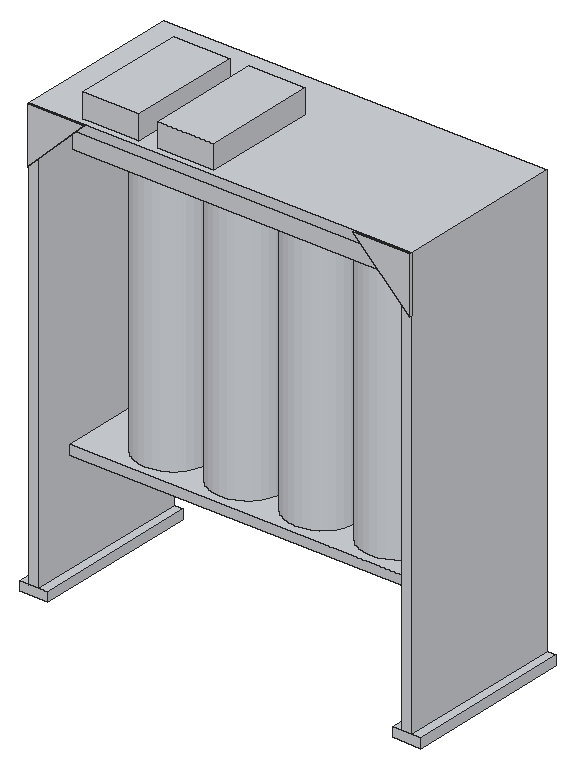
Revit family "536e31e371954fe0be02cb120633ad21", category Mechanical Equipment, Revit 2021
Family settings
  Round Connector Dimension = Use Radius
  Part Type = Normal
  OmniClass Number = 23.65.50.11.11.11
  OmniClass Title = Water Filters
  Seek Item ID = Water Filter - Rack Mounted-0000-USA-ENU
  Work Plane-Based = No
  Always vertical = Yes
  Cut with Voids When Loaded = No
  Shared = No
  Room Calculation Point = No
Parameters (values of type "Standard")
  Water Filter Width = 1' - 6"
  Water Filter Length = 3' - 4 3/4"
  Water Filter Height = 3' - 11"
  Voltage = 120 V
  Rack Material = none
  Pressure Drop [instance] = 3.00 psi
  Outlet Radius = 3/4"
  Outlet Diameter = 2 * Outlet Radius  # 1 1/2"
  Number of Poles = 1
  Inlet Radius = 3/4"
  Inlet Diameter = 2 * Inlet Radius  # 1 1/2"
  Flow [instance] = 60 GPM
  Filter Material = none
  Default Elevation = 0' - 0"
  Apparent Load = 27.5 VA
Reference planes (in)
  plane 1 "Center (Front/Back)": y = 0
  plane 2: z = 0
  plane 3 "Center (Left/Right)": x = 0
  plane 4: x = -20.375
  plane 5: x = 20.375
  plane 6: z = 47
  plane 7: x = -19.375
  plane 8: x = 19.375
  plane 9: z = 46
  plane 10: y = -18
  plane 11: z = 41
  plane 12: x = -14.375
  plane 13: x = 14.375
  plane 14: y = -18.25
  plane 15: z = 43
  plane 16: y = -5
  plane 17: y = -13.5625
  plane 18: z = 12
  plane 19: y = -14
  plane 20: z = 13
  plane 21: y = -9.28125
  plane 22: x = -4
  plane 23: x = 4
  plane 24: x = -12
  plane 25: x = 12
  plane 26: x = -15.25
  plane 27: x = -9.25
  plane 28: x = -7.25
  plane 29: x = -1.25
  plane 30: y = -5.1875
  plane 31: y = -17.25
  plane 32: z = 49.5
  plane 33: z = 1
  plane 34: x = -21.375
  plane 35: x = -18.375
  plane 36: x = 18.375
  plane 37: x = 21.375
  plane 38: x = -11.3125
  plane 39: x = -2.25
  plane 40: x = 6.8125
  plane 41: z = 43.5
Forms (in)
  Extrusion 1, solid, material <- "Rack Material", detail levels medium+fine
    sketch origin (0, 0, 0) x (1, 0, 0) y (0, 0, 1)
      loop
        line (-20.375, 47) -> (-20.375, 1) -> (-19.375, 1) -> (-19.375, 46) -> (19.375, 46) -> (19.375, 1) -> (20.375, 1) -> (20.375, 47) -> (-20.375, 47)
    from 0 to 18
  Extrusion 2, solid, material <- "Rack Material", detail levels medium+fine
    sketch origin (0, 0, 0) x (1, 0, 0) y (0, 0, 1)
      loop
        line (-14.375, 47) -> (-20.375, 47) -> (-20.375, 41) -> (-14.375, 47)
      loop
        line (14.375, 47) -> (20.375, 41) -> (20.375, 47) -> (14.375, 47)
    from 18 to 18.25
  Extrusion 3, solid, material <- "Filter Material", detail levels medium+fine
    sketch origin (0, 0, 0) x (1, 0, 0) y (0, 1, 0)
      loop
        line (-19.375, -5) -> (-19.375, -13.5625) -> (19.375, -13.5625) -> (19.375, -5) -> (-19.375, -5)
    from 41 to 46
  Extrusion 4, solid, material <- "Rack Material", detail levels medium+fine
    sketch origin (0, 0, 0) x (1, 0, 0) y (0, 1, 0)
      loop
        line (-19.375, 0) -> (-19.375, -14) -> (19.375, -14) -> (19.375, 0) -> (-19.375, 0)
    from 12 to 13
  Extrusion 5, solid, material <- "Filter Material", detail levels medium+fine
    sketch origin (0, 0, 0) x (1, 0, 0) y (0, 1, 0)
      loop
        circle (-12, -9.28125) r 3.75
      loop
        circle (-4, -9.28125) r 3.75
      loop
        circle (4, -9.28125) r 3.75
      loop
        circle (12, -9.28125) r 3.75
    from 13 to 41
  Extrusion 6, solid, material <- "Rack Material"
    sketch origin (0, 0, 0) x (1, 0, 0) y (0, 1, 0)
      loop
        line (-15.25, -5.1875) -> (-15.25, -17.25) -> (-9.25, -17.25) -> (-9.25, -5.1875) -> (-15.25, -5.1875)
      loop
        line (-7.25, -5.1875) -> (-7.25, -17.25) -> (-1.25, -17.25) -> (-1.25, -5.1875) -> (-7.25, -5.1875)
    from 47 to 49.5
  Extrusion 7, solid, material <- "Rack Material", detail levels medium+fine
    sketch origin (0, 0, 0) x (1, 0, 0) y (0, 0, 1)
      loop
        line (-21.375, 1) -> (-21.375, 0) -> (-18.375, 0) -> (-18.375, 1) -> (-21.375, 1)
      loop
        line (18.375, 1) -> (18.375, 0) -> (21.375, 0) -> (21.375, 1) -> (18.375, 1)
    from 0 to 18
  Extrusion 8, solid, material <- "Filter Material", detail levels medium+fine
    sketch origin (0, 0, 0) x (1, 0, 0) y (0, 0, 1)
      loop
        circle (6.8125, 43.5) r 1
      loop
        circle (-2.25, 43.5) r 1
      loop
        circle (-11.3125, 43.5) r 1
    from 5 to 5.1875
  Extrusion 9, solid, material <- "Rack Material", detail levels medium+fine
    sketch origin (0, 0, 0) x (0, 1, 0) y (0, 0, 1)
      loop
        circle (-9.28125, 43.5) r 0.70711
    from 19.375 to 20.375
  Extrusion 10, solid, material <- "Rack Material", detail levels medium+fine
    sketch origin (0, 0, 0) x (0, 1, 0) y (0, 0, 1)
      loop
        circle (-9.28125, 43.5) r 0.70711
    from -20.375 to -19.375
  Extrusion 11, solid, material <- "Rack Material", detail levels coarse
    sketch origin (0, 0, 0) x (1, 0, 0) y (0, 1, 0)
      loop
        line (-20.375, 0) -> (-20.375, -18) -> (20.375, -18) -> (20.375, 0) -> (-20.375, 0)
    from 0 to 47
Cuts and joins
  joined: Extrusion 1, Extrusion 9, Extrusion 10
  joined: Extrusion 3, Extrusion 8
Dimensions and locks (in)
  equal spacing: plane 5, plane 3 "Center (Left/Right)", plane 4
  "Water Filter Length": plane 5 to plane 4
  "Water Filter Height": plane 6 to plane 2
  locked: plane 5 to plane 8 at 1
  locked: plane 7 to plane 4 at 1
  locked: plane 6 to plane 9 at 1
  "Water Filter Width": plane 10 to plane 1 "Center (Front/Back)"
  locked: plane 6 to plane 11 at 6
  locked: plane 12 to plane 4 at 6
  locked: plane 5 to plane 13 at 6
  locked: plane 10 to plane 14 at 0.25
  locked: plane 15 to plane 9 at 3
  locked: plane 1 "Center (Front/Back)" to plane 16 at 5
  locked: plane 16 to plane 17 at 8.5625
  locked: plane 2 to plane 18 at 12
  locked: plane 1 "Center (Front/Back)" to plane 19 at 14
  locked: plane 18 to plane 20 at 1
  equal spacing: plane 17, plane 21, plane 16
  locked: plane 24 to plane 22 at 8
  plane 22 to plane 3 "Center (Left/Right)" to plane 23 to plane 25 = 0' - 4" locked, 0' - 4", 0' - 8" locked
  locked: plane 7 to plane 26 at 4.125
  locked: plane 26 to plane 27 at 6
  locked: plane 27 to plane 28 at 2
  locked: plane 28 to plane 29 at 6
  locked: plane 30 to plane 1 "Center (Front/Back)" at 5.1875
  locked: plane 31 to plane 30 at 12.0625
  locked: plane 32 to plane 6 at 2.5
  locked: plane 4 to plane 34 at 1
  locked: plane 35 to plane 7 at 1
  locked: plane 8 to plane 36 at 1
  locked: plane 37 to plane 5 at 1
  locked: plane 4 to plane 38 at 9.0625
  locked: plane 38 to plane 39 at 9.0625
  locked: plane 39 to plane 40 at 9.0625
  equal spacing: plane 11, plane 41, plane 9
  radius of Extrusion 5 sketch curve = 0' - 3 3/4"  (x4)
  radius of Extrusion 8 sketch curve = 0' - 1"
  radius of Extrusion 9 sketch curve = 0' - 0.70711"
  radius of Extrusion 10 sketch curve = 0' - 0.70711"
  aligned and locked: plane 4 to Extrusion 1 sketch curve
  aligned and locked: Extrusion 1 sketch curve to plane 6
  aligned and locked: Extrusion 1 sketch curve to plane 5
  aligned and locked: Extrusion 1 sketch curve to plane 9
  aligned and locked: plane 7 to Extrusion 1 sketch curve
  aligned and locked: Extrusion 1 sketch curve to plane 8
  aligned and locked: Extrusion 1 to plane 1 "Center (Front/Back)"
  aligned and locked: Extrusion 1 to plane 10
  aligned and locked: plane 12 to Extrusion 2 sketch curve
  aligned and locked: plane 6 to Extrusion 2 sketch curve
  aligned and locked: plane 11 to Extrusion 2 sketch curve  (x2)
  aligned and locked: Extrusion 2 sketch curve to plane 5
  aligned and locked: plane 13 to Extrusion 2 sketch curve
  aligned and locked: Extrusion 2 sketch curve to plane 6
  aligned and locked: Extrusion 2 to plane 14
  aligned and locked: plane 10 to Extrusion 2
  aligned and locked: plane 7 to Extrusion 3 sketch curve
  aligned and locked: plane 16 to Extrusion 3 sketch curve
  aligned and locked: plane 17 to Extrusion 3 sketch curve
  aligned and locked: Extrusion 3 sketch curve to plane 8
  aligned and locked: plane 9 to Extrusion 3
  aligned and locked: Extrusion 3 to plane 11
  aligned and locked: Extrusion 1 to Extrusion 4 sketch curve
  aligned and locked: plane 1 "Center (Front/Back)" to Extrusion 4 sketch curve
  aligned and locked: plane 19 to Extrusion 4 sketch curve
  aligned and locked: Extrusion 4 sketch curve to plane 8
  aligned and locked: Extrusion 4 to plane 20
  aligned and locked: plane 18 to Extrusion 4
  aligned and locked: plane 21 to Extrusion 5 sketch curve  (x4)
  aligned and locked: plane 24 to Extrusion 5 sketch curve
  aligned and locked: plane 22 to Extrusion 5 sketch curve
  aligned and locked: plane 23 to Extrusion 5 sketch curve
  aligned and locked: plane 25 to Extrusion 5 sketch curve
  aligned and locked: plane 11 to Extrusion 5
  aligned and locked: plane 20 to Extrusion 5
  aligned and locked: plane 26 to Extrusion 6 sketch curve
  aligned and locked: plane 30 to Extrusion 6 sketch curve  (x2)
  aligned and locked: plane 31 to Extrusion 6 sketch curve  (x2)
  aligned and locked: Extrusion 6 sketch curve to plane 27
  aligned and locked: plane 28 to Extrusion 6 sketch curve
  aligned and locked: Extrusion 6 sketch curve to plane 29
  aligned and locked: plane 32 to Extrusion 6
  aligned and locked: Extrusion 6 to plane 6
  aligned and locked: plane 34 to Extrusion 7 sketch curve
  aligned and locked: Extrusion 7 sketch curve to plane 33  (x2)
  aligned and locked: plane 2 to Extrusion 7 sketch curve  (x2)
  aligned and locked: Extrusion 7 sketch curve to plane 35
  aligned and locked: plane 36 to Extrusion 7 sketch curve
  aligned and locked: Extrusion 7 sketch curve to plane 37
  aligned and locked: Extrusion 7 to plane 1 "Center (Front/Back)"
  aligned and locked: Extrusion 7 to plane 10
  aligned and locked: plane 33 to Extrusion 1 sketch curve  (x2)
  aligned and locked: plane 41 to Extrusion 8 sketch curve  (x3)
  aligned and locked: plane 40 to Extrusion 8 sketch curve
  aligned and locked: plane 39 to Extrusion 8 sketch curve
  aligned and locked: plane 38 to Extrusion 8 sketch curve
  aligned and locked: Extrusion 8 to plane 16
  aligned and locked: plane 30 to Extrusion 8
  aligned and locked: plane 41 to Extrusion 9 sketch curve
  aligned and locked: plane 21 to Extrusion 9 sketch curve
  aligned and locked: Extrusion 1 to Extrusion 9
  aligned and locked: Extrusion 9 to plane 8
  aligned and locked: plane 41 to Extrusion 10 sketch curve
  aligned and locked: plane 21 to Extrusion 10 sketch curve
  aligned and locked: Extrusion 10 to plane 4
  aligned and locked: plane 7 to Extrusion 10
  aligned and locked: Extrusion 11 sketch curve to cut or joined group of Extrusion 1, Extrusion 9, Extrusion 10  (x3)
  aligned and locked: Extrusion 11 sketch curve to Extrusion 2
  aligned and locked: plane 6 to Extrusion 11
  aligned and locked: Extrusion 11 to plane 2
Automatic sketch dimensions
  Extrusion 2 sketch curve to plane 4 = 0' - 0"
  radius of Extrusion 8 sketch curve = 0' - 1"  (x2)
Connectors (in)
  piping at (-20.375, -9.28125, 43.5), diameter 1.5, driven by "Inlet Radius", driven by "Flow"
    settings: on Extrusion 10, index 1, connector inside diameter 1 1/2", connector length 0' - 0", flow factor 0, pipe flow 60 GPM, pressure drop 0.00 psi, fitting loss kfactor 0, connector angle 0.00°, fixture units 0, engagement length 0' - 0", angle of deflection 0.00°, flow configuration 1, flow direction 1, fitting loss method 0, system type 20, joint type 0, gender type 0, connector reference index -1, connector utility 0, adjustable connector no, is connector primary yes, connector description "In"
  piping at (20.375, -9.28125, 43.5), diameter 1.5, driven by "Pressure Drop", driven by "Flow", driven by "Outlet Radius"
    settings: on Extrusion 9, index 2, connector inside diameter 1 1/2", connector length 0' - 0", flow factor 0, pipe flow 60 GPM, pressure drop 3.00 psi, fitting loss kfactor 0, connector angle 0.00°, fixture units 0, engagement length 0' - 0", angle of deflection 0.00°, flow configuration 0, flow direction 2, fitting loss method 4, system type 20, joint type 0, gender type 0, connector reference index -1, connector utility 0, adjustable connector no, is connector primary no, connector description "Out"
  piping at (-11.3125, -5, 43.5), diameter 1.5, driven by "Outlet Radius", driven by "Flow", driven by "Pressure Drop"
    settings: on Extrusion 8, index 3, connector inside diameter 1 1/2", connector length 0' - 0", flow factor 0, pipe flow 60 GPM, pressure drop 3.00 psi, fitting loss kfactor 0, connector angle 0.00°, fixture units 0, engagement length 0' - 0", angle of deflection 0.00°, flow configuration 0, flow direction 2, fitting loss method 4, system type 20, joint type 0, gender type 0, connector reference index -1, connector utility 0, adjustable connector no, is connector primary no, connector description "Out"
  piping at (-2.25, -5, 43.5), diameter 1.5, driven by "Pressure Drop", driven by "Flow", driven by "Outlet Radius"
    settings: on Extrusion 8, index 4, connector inside diameter 1 1/2", connector length 0' - 0", flow factor 0, pipe flow 60 GPM, pressure drop 3.00 psi, fitting loss kfactor 0, connector angle 0.00°, fixture units 0, engagement length 0' - 0", angle of deflection 0.00°, flow configuration 0, flow direction 2, fitting loss method 4, system type 20, joint type 0, gender type 0, connector reference index -1, connector utility 0, adjustable connector no, is connector primary no, connector description "Out"
  piping at (6.8125, -5, 43.5), diameter 1.5, driven by "Flow", driven by "Pressure Drop", driven by "Outlet Radius"
    settings: on Extrusion 8, index 5, connector inside diameter 1 1/2", connector length 0' - 0", flow factor 0, pipe flow 60 GPM, pressure drop 3.00 psi, fitting loss kfactor 0, connector angle 0.00°, fixture units 0, engagement length 0' - 0", angle of deflection 0.00°, flow configuration 0, flow direction 2, fitting loss method 4, system type 20, joint type 0, gender type 0, connector reference index -1, connector utility 0, adjustable connector no, is connector primary no, connector description "Out"
